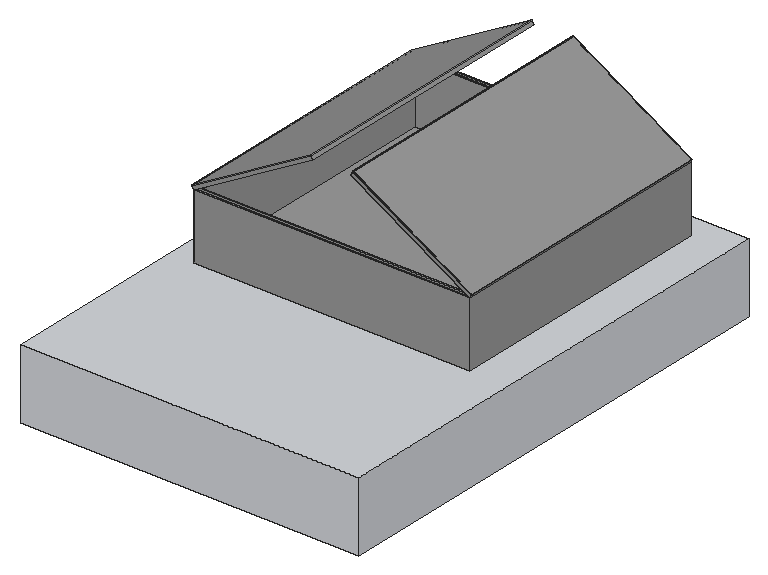
Revit family "Hager-Orion_Inox-IP55-D300-Cl.I-Inox_encl-630A-1200mm-CH-en", category Equipement électrique, Revit 2020
Family settings
  Hôte = Face
  Configuration du panneau = Deux colonnes, circuits au sein
  Cote de connecteur circulaire = Utiliser le diamètre
  Type d'élément = Tableau de raccordement
  Couper avec des vides une fois chargée = Non
  Partagée = Non
  Point de calcul de pièce = Non
Parameters (values of type "Surface mounted (plaster) IP55 W1200 H1200 D300  - FL060BWL")
  Width Control [instance] = if([EF000008 - Width] > Min Width, [EF000008 - Width], Min Width)  # 1200 mm
  Commentaires du type = [HG000003 - Range]  # "Orion Inox"
  Thickness Door [instance] = if([EF009171 - Material plate thickness door/cover] > 3 mm, 3 mm, [EF009171 - Material plate thickness door/cover])  # 1.5 mm
  Seal Frame Offset [instance] = 17 mm  # constant formula
  Model = ""
  Min Width [instance] = 100 mm  # constant formula
  Min Height [instance] = 100 mm  # constant formula
  Min Depth [instance] = (2 * [EF009170 - Material plate thickness cabinet]) + 1 mm  # 4 mm
  Internal Frame Depth [instance] = (Door System Depth * 0.5)  # 9 mm
  Height Control [instance] = if([EF000040 - Height] > Min Height, [EF000040 - Height], Min Height)  # 1200 mm
  HG000027 - Plinth height = 0 mm
  HG000026 - Floor standing = no
  HG000024 - Bottom section height = 800 mm
  HG000023 - Double section enclosure = no
  HG000016 - Door 3d visibility [instance] = yes
  HG000015 - Clearance visibility [instance] = no
  HG000014 - Door on the right [instance] = yes
  HG000013 - Door on the left [instance] = not([HG000014 - Door on the right])  # no
  HG000012 - Door swing angle [instance] = 30.00°
  HG000010 - Asymmetric doors = no
  HG000009 - Double swing door = yes
  HG000006 - Flush mounted = no
  HG000004 - Manufacturer reference = "FL060BWL"
  HG000003 - Range = "Orion Inox"
  HG000002 - With door or cover = yes
  Frame Offset Bottom [instance] = 10 mm  # constant formula
  Frame Offset [instance] = 15 mm  # constant formula
  EF015940 - Cover with overpressure release = no
  EF011959 - Degree of protection (NEMA) = ""
  EF009554 - Number of openings for flange plates = 0
  EF009212 - Cover model = "EV000116 - Closed"
  EF009171 - Material plate thickness door/cover = 1.5 mm
  EF009170 - Material plate thickness cabinet = 1.5 mm
  Fabricant = "Hager"  # constant formula
  EF008873 - Nominal current (In) = 630 A
  EF007800 - Suitable for lightning protection = no
  EF006306 - With lock = yes
  EF006244 - Transparent cover/door = no
  EF005474 - Degree of protection (IP) = "EV006420 - IP55"
  EF004464 - Type of door = "EV003602 - Double"
  EF004427 - Number of modules = 0
  EF004293 - Impact strength = "EV008784 - IK10"
  EF003532 - Suitable for outdoor use = yes
  EF002950 - Width in number of modular spacings = 0
  EF001613 - Circuit integrity = "EV000494 - None"
  EF001596 - Material housing = "EV000166 - Stainless steel"
  EF001131 - Internal depth = 266 mm
  EF001088 - Extension possible = yes
  EF000437 - Number of conduit inlets = 0
  EF000339 - Type of cover = "EV004216 - Door"
  EF000266 - Number of rows = 0
  EF000218 - Built-in depth = 0 mm
  EF000118 - With mounting plate = no
  EF000116 - RAL-number = ""
  EF000049 - Depth = 300 mm
  EF000040 - Height = 1200 mm
  EF000008 - Width = 1200 mm
  EF000007 - Colour = "EV000154 - Other"
  EF000003 - Mounting method = "EV000384 - Surface mounted (plaster)"
  Door System Leaf Tolerance [instance] = 1.5 mm  # constant formula
  Door System Depth [instance] = 18 mm  # constant formula
  Depth Control [instance] = if([EF000049 - Depth] > Min Depth, [EF000049 - Depth], Min Depth)  # 300 mm
  Default Elevation = 0 mm
Types (4, lengths in mm): name | Width Control | HG000004 - Manufacturer reference | EF000008 - Width
  Surface mounted (plaster) IP55 W1000 H1200 D300  - FL058BW | 1000 | "FL058BW" | 1000
  Surface mounted (plaster) IP55 W1000 H1200 D300  - FL058BWL | 1000 | "FL058BWL" | 1000
  Surface mounted (plaster) IP55 W1200 H1200 D300  - FL060BW | 1200 | "FL060BW" | 1200
  Surface mounted (plaster) IP55 W1200 H1200 D300  - FL060BWL | 1200 | "FL060BWL" | 1200
Reference planes
  plane 1 "Center (Front/Back)": y = 0
  plane 2: z = 0
  plane 3 "Center (Left/Right)": x = 0
  plane 4: z = 300
  plane 5: y = 1.5
  plane 6: y = 600
  plane 7: y = 0
  plane 8: y = 1200
  plane 9: z = 0
  plane 10: x = -585
  plane 11: x = 585
  plane 12: x = 583.5
  plane 13: x = -583.5
  plane 14: y = 1198.5
  plane 15: x = -583
  plane 16: x = -600
  plane 17: x = 583
  plane 18: x = 600
  plane 19: x = 598.5
  plane 20: x = -598.5
  plane 21: y = 11.5
  plane 22: y = 1200
  plane 23: y = 1183.5
  plane 24: z = 282
  plane 25: z = 1.5
  plane 26: z = 280.5
  plane 27: z = 298.5
Forms (mm)
  Extrusion 1, solid
    sketch origin (0, 0, 0) x (1, 0, 0) y (0, 1, 0)
      loop
        line (-702.964, 1305) -> (-702.964, -811.445) -> (766.763, -811.445) -> (766.763, 1305) -> (-702.964, 1305)
    from 0 to -304.8
  Extrusion 2, solid, material "Hager_Stainless_Steel", detail levels medium+fine
    sketch origin (0, 0, 0) x (1, 0, 0) y (0, 1, 0)
      loop
        line (-600, 0) -> (600, 0) -> (600, 1200) -> (-600, 1200) -> (-600, 0)
    from 0 to 282
  Extrusion 3, solid, material "Hager_Steel_RAL 7035_Light_Grey", not visible, detail levels medium+fine
    sketch origin (0, 28.16, 50.802) x (0, 1, 0) y (0, 0, 1)
      loop
        line (623.34, -50.802) -> (623.34, 237.698)
        arc (623.34, 237.698) -> (620.411, 244.769) -> (613.34, 247.698) r 10
        line (613.34, 247.698) -> (583.34, 247.698) -> (583.34, -50.802) -> (623.34, -50.802)
    from -598.5 to 598.5
  Extrusion 4, void
    sketch origin (0, 0, 0) x (1, 0, 0) y (0, 1, 0)
      loop
        line (-598.5, 1.5) -> (598.5, 1.5) -> (598.5, 1198.5) -> (-598.5, 1198.5) -> (-598.5, 1.5)
    from 1.5 to 280.5
  Extrusion 5, void
    sketch origin (-381.607, -4572, 282) x (0, -1, 0) y (-1, 0, 0)
      loop
        line (-4583.5, 201.893) -> (-5755.5, 201.893) -> (-5755.5, -965.107) -> (-4583.5, -965.107) -> (-4583.5, 201.893)
    from 0 to 1.5 <- "EF009170 - Material plate thickness cabinet"
  Extrusion 6, solid, material "Hager_Stainless_Steel", detail levels fine
    sketch origin (-381.607, -4572, 282) x (-1, 0, 0) y (0, -1, 0)
      loop
        line (201.893, -4583.5) -> (-965.107, -4583.5) -> (-965.107, -5755.5) -> (201.893, -5755.5) -> (201.893, -4583.5)
      loop
        line (202.893, -4582) -> (-966.107, -4582) -> (-966.107, -5757) -> (202.893, -5757) -> (202.893, -4582)
    from 0 to 9 <- "Internal Frame Depth"
  Extrusion 7, solid, material "Hager_Stainless_Steel", detail levels coarse
    sketch origin (0, 0, 0) x (1, 0, 0) y (0, 1, 0)
      loop
        line (-600, 0) -> (600, 0) -> (600, 1200) -> (-600, 1200) -> (-600, 0)
    from 0 to 300
Cuts and joins
  Extrusion 4, Extrusion 5 cuts Extrusion 2
Lines and regions (mm)
  Masking region 1
    outline origin (0, 0, 0) x (1, 0, 0) y (0, 0, 1)
      loop
        line (-600, 300) -> (-600, 0) -> (600, 0) -> (600, 300) -> (-600, 300)
  Masking region 2, detail levels medium+fine
    outline origin (0, 140, 0) x (0, 1, 0) y (0, 0, 1)
      loop
        line (-140, 0) -> (1060, 0) -> (1060, 282) -> (-140, 282) -> (-140, 0)
  Masking region 3, not visible, detail levels medium+fine
    outline origin (0, 297.922, 0) x (0, 1, 0) y (0, 0, 1)
      loop
        line (313.578, 0) -> (353.578, 0) -> (353.578, 288.5)
        arc (353.578, 288.5) -> (350.649, 295.571) -> (343.578, 298.5) r 10
        line (343.578, 298.5) -> (313.578, 298.5) -> (313.578, 0)
  Masking region 4, detail levels coarse
    outline origin (0, 0, 180) x (0, 1, 0) y (0, 0, 1)
      loop
        line (0, -180) -> (1200, -180) -> (1200, 120) -> (0, 120) -> (0, -180)
  Masking region 5
    outline origin (-381.607, -4572, 282) x (-1, 0, 0) y (0, -1, 0)
      loop
        line (218.393, -5772) -> (218.393, -4572) -> (-981.607, -4572) -> (-981.607, -5772) -> (218.393, -5772)
Dimensions and locks
  "Depth Control": plane 4 to Extrusion 1
  "EF009170 - Material plate thickness cabinet": plane 5 to plane 7
  locked: connector elem to plane 3 "Center (Left/Right)"
  equal spacing: plane 8, plane 6, plane 7
  locked: connector elem to plane 6
  "EF009170 - Material plate thickness cabinet": plane 8 to plane 14
  "EF009170 - Material plate thickness cabinet": plane 10 to plane 13
  "EF009170 - Material plate thickness cabinet": plane 12 to plane 11
  "Frame Offset": plane 20 to plane 13
  "Frame Offset": plane 12 to plane 19
  "EF009170 - Material plate thickness cabinet": plane 16 to plane 20
  "EF009170 - Material plate thickness cabinet": plane 19 to plane 18
  "Seal Frame Offset": plane 16 to plane 15
  "Seal Frame Offset": plane 17 to plane 18
  "Frame Offset Bottom": plane 21 to plane 5
  "Frame Offset": plane 14 to plane 23
  equal spacing: plane 16, plane 3 "Center (Left/Right)", plane 18
  "Width Control": plane 16 to plane 18
  "EF009170 - Material plate thickness cabinet": plane 4 to plane 27
  "EF009170 - Material plate thickness cabinet": plane 24 to plane 26
  "EF009170 - Material plate thickness cabinet": plane 25 to level
  "Door System Depth": plane 4 to plane 24
  "Height Control": plane 1 "Center (Front/Back)" to Extrusion 7 sketch curve
  "Height Control": Masking region 4 sketch curve to plane 1 "Center (Front/Back)"
  "Thickness Door": Extrusion 6 sketch curve to plane 15
  "Thickness Door": plane 21 to Extrusion 6 sketch curve
  "Thickness Door": plane 17 to Extrusion 6 sketch curve
  "Thickness Door": Extrusion 6 sketch curve to plane 23
  "Height Control": plane 1 "Center (Front/Back)" to plane 22
  radius of Masking region 3 sketch curve = 10 mm
  radius of Extrusion 3 sketch curve = 10 mm
  aligned and locked: plane 2 to Extrusion 1
  aligned and locked: level to Extrusion 1
  aligned and locked: level to Masking region 1 sketch curve
  aligned and locked: Masking region 1 sketch curve to plane 18
  aligned and locked: Masking region 1 sketch curve to plane 16
  aligned and locked: plane 7 to Masking region 2 sketch curve
  aligned and locked: level to Masking region 3 sketch curve
  aligned and locked: Masking region 3 sketch curve to plane 27
  aligned and locked: level to Masking region 2 sketch curve
  aligned and locked: Extrusion 2 sketch curve to plane 7
  aligned and locked: plane 16 to Extrusion 2 sketch curve
  aligned and locked: plane 18 to Extrusion 2 sketch curve
  aligned and locked: Extrusion 3 sketch curve to level
  aligned and locked: plane 27 to Extrusion 3 sketch curve
  aligned and locked: plane 20 to Extrusion 3
  aligned and locked: plane 19 to Extrusion 3
  aligned and locked: plane 20 to Extrusion 4 sketch curve
  aligned and locked: plane 19 to Extrusion 4 sketch curve
  aligned and locked: Extrusion 4 sketch curve to plane 5
  aligned and locked: Extrusion 4 to plane 25
  aligned and locked: plane 26 to Extrusion 4
  aligned and locked: plane 24 to Extrusion 2
  aligned and locked: Extrusion 5 sketch curve to plane 21
  aligned and locked: Extrusion 5 sketch curve to plane 13
  aligned and locked: Extrusion 5 sketch curve to plane 12
  aligned and locked: plane 18 to Extrusion 7 sketch curve
  aligned and locked: plane 1 "Center (Front/Back)" to Extrusion 7 sketch curve
  aligned and locked: plane 16 to Extrusion 7 sketch curve
  aligned and locked: plane 4 to Extrusion 7
  aligned and locked: Extrusion 7 to level
  aligned and locked: level to Masking region 4 sketch curve
  aligned and locked: Masking region 4 sketch curve to plane 1 "Center (Front/Back)"
  aligned and locked: Masking region 4 sketch curve to plane 4
  aligned and locked: nested 1 to level
  aligned and locked: nested 1 to plane 16
  aligned and locked: Extrusion 2 sketch curve to plane 8
  aligned and locked: Extrusion 5 sketch curve to plane 23
  aligned and locked: Extrusion 4 sketch curve to plane 14
  aligned and locked: Extrusion 6 sketch curve to plane 21
  aligned and locked: plane 13 to Extrusion 6 sketch curve
  aligned and locked: Extrusion 6 sketch curve to plane 23
  aligned and locked: plane 12 to Extrusion 6 sketch curve
  aligned and locked: Masking region 2 sketch curve to plane 8
  aligned and locked: Masking region 2 sketch curve to plane 24
  aligned and locked: nested 2 to plane 3 "Center (Left/Right)"
  aligned and locked: nested 2 to plane 24
  aligned and locked: Masking region 5 sketch curve to plane 1 "Center (Front/Back)"
  aligned and locked: Masking region 5 sketch curve to plane 18
  aligned and locked: Masking region 5 sketch curve to plane 22
  aligned and locked: Masking region 5 sketch curve to plane 16
  aligned and locked: plane 8 to plane 22
  aligned and locked: plane 7 to plane 1 "Center (Front/Back)"
  aligned and locked: nested 2 to plane 1 "Center (Front/Back)"
Automatic sketch dimensions
  Extrusion 1 sketch curve to Extrusion 1 sketch curve = 1469.727 mm
  Extrusion 1 sketch curve to Extrusion 1 sketch curve = 2116.445 mm
  plane 6 to Masking region 3 sketch curve = 11.5 mm
  Masking region 3 sketch curve to Masking region 3 sketch curve = 30 mm
  plane 6 to Extrusion 3 sketch curve = 11.5 mm
  Extrusion 3 sketch curve to Extrusion 3 sketch curve = 30 mm
  Masking region 1 sketch curve to plane 4 = 0 mm
Nested families
  nested 1: "Hager_Enclosure_Symbol" at (-600, 0, 0) x (1, 0, 0) z (0, -1, 0), Height <- "Depth Control", Width <- "Width Control", type "Hager_Enclosure_Symbol"
    with Width_Ctrl 1200 mm, Width 1200 mm, Height_Ctrl 300 mm, Height 300 mm, A_Width_Int 19.688 mm, A_Width 236.25 mm, A_Height_Ctrl 262.5 mm, A_Height 262.5 mm
  nested 2: "EC000058_OrionInox_Door" at (0, 1200, 282) x (1, 0, 0) z (0, -1, 0), Leaf_Tolerance <- "Door System Leaf Tolerance", Angle <- "HG000012 - Door swing angle", Door_Depth <- "Door System Depth", Door_Left <- "HG000013 - Door on the left", Transparent <- "EF006244 - Transparent cover/door", Assymetrical <- "HG000010 - Asymmetric doors", Width <- "Width Control", Clearance <- "HG000015 - Clearance visibility", Double <- "HG000009 - Double swing door", 3d_Door <- "HG000016 - Door 3d visibility", Width_Ctrl <- "Width Control", Door_Right <- "HG000014 - Door on the right", Door <- "HG000002 - With door or cover", Height <- "Height Control", Thickness <- "Thickness Door", type "EC000058_OrionInox_Door", detail levels medium+fine
    with min_wh 4 mm, Width_Ctrl 1200 mm, Width 1200 mm, Transparent no, Thickness 1.5 mm, Seal_Material Hager_Rubber, Leaf_Width 1200 mm, Leaf_Tolerance_External_Sides 0 mm, Leaf_Tolerance 1.5 mm, Leaf_Offset 0 mm, Leaf_Height 1197 mm, Leaf_2_Width 598.5 mm, Leaf_2_Offset 300 mm, Leaf_1_Width 598.5 mm, Leaf_1_Offset 300 mm, Height_Ctrl 1200 mm, Height 1200 mm, Glass_Material Hager_Glass, Double_Clearance_Ctrl no, Double yes, Door_Right_Ctrl yes, Door_Right yes, Door_Material Hager_Stainless_Steel, Door_Left_Ctrl yes, Door_Left no, Door_Depth 18 mm, Door yes, Clearance_Material Hager_Clearance, Clearance_Depth 598.5 mm, Clearance_Ctrl no, Clearance no, Assymetrical no, Angle 30.00°, 3d_Door yes
Connectors
  electrical at (0, 600, 0)
    settings: on plane 9, index 1, voltage 0 V, apparent load 0 VA, apparent load phase1 0 VA, apparent load phase2 0 VA, apparent load phase3 0 VA, power factor 1, load classification "Other", number of poles 1, system type 30, power factor state 1, is connector primary yes, connector utility no, sub classification motor no, connector description ""
Definition of nested family "EC000058_OrionInox_Door"
  Parameters (values of type "EC000058_OrionInox_Door")
    min_wh [instance] = (2 * Thickness) + 1 mm  # 11 mm
    Width_Ctrl [instance] = 400 mm
    Width [instance] = 500 mm
    Transparent [instance] = yes
    Thickness [instance] = 5 mm
    Seal_Material [instance] = none
    Leaf_Width [instance] = if((Width_Ctrl - 2 * Leaf_Tolerance_External_Sides) > 0 mm, (Width_Ctrl - 2 * Leaf_Tolerance_External_Sides), min_wh)  # 400 mm
    Leaf_Tolerance_External_Sides [instance] = 0 mm  # constant formula
    Leaf_Tolerance [instance] = 1.5 mm
    Leaf_Offset [instance] = 0 mm  # constant formula
    Leaf_Height [instance] = if((Height_Ctrl - 2 * Leaf_Tolerance) > 0 mm, (Height_Ctrl - 2 * Leaf_Tolerance), min_wh)  # 497 mm
    Leaf_2_Width [instance] = if(and(and(Double, Assymetrical), Door_Left), (Leaf_Width / 3) - (Leaf_Tolerance / 2), if(and(and(Double, Assymetrical), Door_Right), (Leaf_Width / 3) * 2 - (Leaf_Tolerance / 2), if(and(Double, not(Assymetrical)), (Leaf_Width / 2) - Leaf_Tolerance, Leaf_Width)))  # 400 mm
    Leaf_2_Offset [instance] = if(and(Double, Assymetrical), Leaf_2_Width / 2, if(and(Double, not(Assymetrical)), Leaf_Width / 4, Leaf_Width / 2))  # 200 mm
    Leaf_1_Width [instance] = if(and(and(Double, Assymetrical), Door_Right), (Leaf_Width / 3) - (Leaf_Tolerance / 2), if(and(and(Double, Assymetrical), Door_Left), (Width / 3) * 2 - (Leaf_Tolerance / 2), if(and(Double, not(Assymetrical)), (Leaf_Width / 2) - Leaf_Tolerance, Leaf_Width)))  # 400 mm
    Leaf_1_Offset [instance] = if(and(Double, Assymetrical), Leaf_1_Width / 2, if(and(Double, not(Assymetrical)), Leaf_Width / 4, Leaf_Width / 2))  # 200 mm
    Height_Ctrl [instance] = if(Height > min_wh, Height, min_wh)  # 500 mm
    Height [instance] = 500 mm
    Glass_Material [instance] = none
    Double_Clearance_Ctrl [instance] = and(Double, Clearance)  # no
    Double [instance] = no
    Door_Right_Ctrl [instance] = and(or(Door_Right, Double), Door)  # yes
    Door_Right [instance] = yes
    Door_Material [instance] = none
    Door_Left_Ctrl [instance] = and(or(Door_Left, Double), Door)  # no
    Door_Left [instance] = no
    Door_Depth [instance] = 30 mm
    Door [instance] = yes
    Default Elevation = 1219.2 mm
    Clearance_Material [instance] = none
    Clearance_Depth [instance] = if(Leaf_1_Width > Leaf_2_Width, Leaf_1_Width, Leaf_2_Width)  # 400 mm
    Clearance_Ctrl [instance] = and(not(Double), Clearance)  # yes
    Clearance [instance] = yes
    Assymetrical [instance] = yes
    Angle [instance] = 30.00°
    3d_Door [instance] = yes
  Reference planes
    plane 1 "Center (Front/Back)": y = 0
    plane 2 "Bottom": z = 0
    plane 3 "Center (Left/Right)": x = 0
    plane 4: z = 500
    plane 5: x = -200
    plane 6: x = 200
    plane 7: z = 500
    plane 8: x = -200
    plane 9: z = 0
    plane 10: x = 200
    plane 11: y = 0
    plane 12: z = 1.5
    plane 13: x = -600
    plane 14: y = -400
    plane 15: x = 600
    plane 16: x = 0
    plane 17: x = 0
    plane 18: x = -200
    plane 19: x = 200
    plane 20: z = 498.5
  Forms (mm)
    Extrusion 1, solid, material <- "Clearance_Material", visible <- "Double_Clearance_Ctrl"
      sketch origin (1200, 0, 0) x (1, 0, 0) y (0, 0, -1)
        loop
          line (-1800, -498.5) -> (-600, -498.5) -> (-600, 0) -> (-1800, 0) -> (-1800, -498.5)
      from 0 to -400
  Dimensions and locks
    equal spacing: plane 5, plane 3 "Center (Left/Right)", plane 6
    "Width_Ctrl": plane 5 to plane 6
    "Leaf_Offset": plane 5 to plane 8
    "Leaf_Offset": plane 6 to plane 10
    "Leaf_Offset": plane 9 to level
    "Leaf_Offset": plane 4 to plane 7
    "Height_Ctrl": plane 4 to level
    "Leaf_Tolerance": plane 12 to plane 9
    locked: plane 11 to plane 1 "Center (Front/Back)"
    "Leaf_1_Offset": plane 18 to plane 16
    "Leaf_2_Offset": plane 17 to plane 19
    "Leaf_1_Width": plane 13 to plane 8
    "Leaf_2_Width": plane 10 to plane 15
    "Clearance_Depth": plane 14 to plane 1 "Center (Front/Back)"
    "Leaf_Tolerance_External_Sides": plane 8 to plane 18
    "Leaf_Tolerance_External_Sides": plane 19 to plane 10
    "Leaf_Tolerance": plane 7 to plane 20
    aligned and locked: level to plane 2 "Bottom"
    aligned and locked: nested 1 to plane 16
    aligned and locked: nested 2 to plane 17
    aligned and locked: Extrusion 1 to plane 13
    aligned and locked: plane 15 to Extrusion 1
    aligned and locked: Extrusion 1 to plane 14
    aligned and locked: plane 12 to nested 1
    aligned and locked: nested 2 to plane 12
    aligned and locked: Extrusion 1 to plane 11
    aligned and locked: plane 20 to Extrusion 1
    aligned and locked: nested 2 to plane 11
    aligned and locked: nested 1 to plane 11
  Automatic sketch dimensions
    Extrusion 1 sketch curve to level = 0 mm
    plane 5 to Extrusion 1 sketch curve = 400 mm
    plane 6 to Extrusion 1 sketch curve = 400 mm
    Extrusion 1 sketch curve to plane 4 = 1.5 mm
  Nested families
    nested 1: "EC000058_OrionInox_Door_Leaf" at (0, 0, 1.5), Width <- "Leaf_1_Width", visible <- "Door_Left_Ctrl", Leaf_Height <- "Leaf_Height", Angle <- "Angle", 3d_Door <- "3d_Door", Transparent <- "Transparent", Clearance Material <- "Clearance_Material", Clearance <- "Clearance_Ctrl", Door_Material <- "Door_Material", Glass_Material <- "Glass_Material", Door_Depth <- "Door_Depth", Seal_Material <- "Seal_Material", Thickness <- "Thickness", type "EC000058_OrionInox_Door_Leaf"
      with Width 400 mm, Transparent_Ctrl yes, Transparent yes, Thickness 5 mm, Standard no, Seal_Material none, Seal_D2 8 mm, Seal_D1 1 mm, Offset_Internal_Frame 10 mm, Lock_Width 28 mm, Lock_Thickness 2 mm, Lock_Radius 6 mm, Leaf_Height 497 mm, Internal_Seal_Thickness 8 mm, Internal_Seal_Depth_2 4.5 mm, Internal_Frame_Depth 25 mm, Glass_Thickness -1 mm, Glass_Offset -2 mm, Glass_Material none, Door_Material none, Door_Depth 30 mm, Clearance Material none, Clearance yes, Angle_Ctrl 30.00°, Angle 30.00°, 3d_Door yes
    nested 2: "EC000058_OrionInox_Door_Leaf" at (0, 0, 1.5) x (-1, 0, 0) z (0, 0, 1), Width <- "Leaf_2_Width", visible <- "Door_Right_Ctrl", Leaf_Height <- "Leaf_Height", Angle <- "Angle", 3d_Door <- "3d_Door", Transparent <- "Transparent", Clearance Material <- "Clearance_Material", Clearance <- "Clearance_Ctrl", Door_Material <- "Door_Material", Glass_Material <- "Glass_Material", Door_Depth <- "Door_Depth", Seal_Material <- "Seal_Material", Thickness <- "Thickness", type "EC000058_OrionInox_Door_Leaf"
      with Width 400 mm, Transparent_Ctrl yes, Transparent yes, Thickness 5 mm, Standard no, Seal_Material none, Seal_D2 8 mm, Seal_D1 1 mm, Offset_Internal_Frame 10 mm, Lock_Width 28 mm, Lock_Thickness 2 mm, Lock_Radius 6 mm, Leaf_Height 497 mm, Internal_Seal_Thickness 8 mm, Internal_Seal_Depth_2 4.5 mm, Internal_Frame_Depth 25 mm, Glass_Thickness -1 mm, Glass_Offset -2 mm, Glass_Material none, Door_Material none, Door_Depth 30 mm, Clearance Material none, Clearance yes, Angle_Ctrl 30.00°, Angle 30.00°, 3d_Door yes
  Definition of nested family "EC000058_OrionInox_Door_Leaf"
    Parameters (values of type "EC000058_OrionInox_Door_Leaf")
      Width [instance] = 450 mm
      Transparent_Ctrl [instance] = and(Transparent, [3d_Door])  # yes
      Transparent [instance] = yes
      Thickness [instance] = 5 mm
      Standard [instance] = and(not(Transparent), [3d_Door])  # no
      Seal_Material [instance] = none
      Seal_D2 [instance] = 8 mm  # constant formula
      Seal_D1 [instance] = 1 mm  # constant formula
      Offset_Internal_Frame [instance] = 10 mm  # constant formula
      Lock_Width [instance] = Door_Depth - Lock_Thickness  # 28 mm
      Lock_Thickness [instance] = 2 mm  # constant formula
      Lock_Radius [instance] = 6 mm  # constant formula
      Leaf_Height [instance] = 450 mm
      Internal_Seal_Thickness [instance] = 8 mm  # constant formula
      Internal_Seal_Depth_2 [instance] = 4.5 mm  # constant formula
      Internal_Frame_Depth [instance] = if(Door_Depth - Thickness > 5 mm, Door_Depth - Thickness, 5 mm)  # 25 mm
      Glass_Thickness [instance] = if(Thickness > 15 mm, Glass_Offset + 10 mm, -1 mm)  # -1 mm
      Glass_Offset [instance] = if(Thickness > 15 mm, -(Thickness + 10 mm) / 2, -2 mm)  # -2 mm
      Glass_Material [instance] = none
      Door_Material [instance] = none
      Door_Depth [instance] = 30 mm
      Default Elevation = 0 mm
      Clearance Material [instance] = none
      Clearance [instance] = yes
      Angle_Ctrl [instance] = if(Angle > 180.00°, 180.00°, Angle)  # 90.00°
      Angle [instance] = 90.00°
      3d_Door [instance] = yes
    Reference planes
      plane 1 "Center (Front/Back)": y = 0
      plane 2: z = 0
      plane 3 "Center (Left/Right)": x = 0
      plane 4: y = 450
      plane 5: x = -225
      plane 6: x = 225
      plane 7: x = -675
      plane 8: z = 450
      plane 9: z = 30
      plane 10: z = 420
      plane 11: x = 195
      plane 12: x = -195
      plane 13: y = -3
      plane 14: z = 107.833
      plane 15: y = -5
      plane 16: y = -223.314
      plane 17: x = -225
      plane 18: y = 30
    Forms (mm)
      Extrusion 1, solid, material <- "Clearance Material", visible <- "Clearance"
        sketch origin (0, 0, 0) x (1, 0, 0) y (0, 0, 1)
          loop
            line (-675, 450) -> (-675, 0) -> (225, 0) -> (225, 450) -> (-675, 450)
        from 0 to -450
      Extrusion 2, solid, material <- "Door_Material", visible <- "Standard", detail levels medium+fine
        sketch origin (-225, 0, 0) x (0, 1, 0) y (-1, 0, 0)
          loop
            line (0, 30) -> (0, 25) -> (450, 25) -> (450, 30) -> (0, 30)
        from 0 to 450 <- "Leaf_Height"
      Extrusion 3, solid, material <- "Door_Material", visible <- "Transparent_Ctrl", detail levels medium+fine
        sketch origin (-225, 0, 0) x (0, 1, 0) y (-1, 0, 0)
          loop
            line (0, 25) -> (450, 25) -> (450, 30) -> (0, 30) -> (0, 25)
        from 0 to 450 <- "Leaf_Height"
      Extrusion 4, void
        sketch origin (-250, 450, 0) x (0, 1, 0) y (0, 0, -1)
          loop
            line (-30, -420) -> (-30, -30) -> (-420, -30) -> (-420, -420) -> (-30, -420)
        from 0 to 5 <- "Thickness"
      Sweep 5, solid, material <- "Seal_Material", visible <- "Transparent_Ctrl", detail levels fine
        path in 3D
          loop
            line (-250, 30, 30) -> (-250, 30, 420) -> (-250, 420, 420) -> (-250, 420, 30) -> (-250, 30, 30)
        profile origin (-250, 225, 30) x (1, 0, 0) y (0, 0, 1)
          loop
            line (0, 0) -> (0, -8) -> (1, -8) -> (1, 0) -> (0, 0)
      Extrusion 6, solid, material <- "Glass_Material", visible <- "Transparent_Ctrl", detail levels medium+fine
        sketch origin (-255, 0, 0) x (0, 1, 0) y (0, 0, -1)
          loop
            line (420, -420) -> (420, -30) -> (30, -30) -> (30, -420) -> (420, -420)
        from -2 <- "Glass_Offset" to -1 <- "Glass_Thickness"
      Extrusion 7, solid, material <- "Door_Material", visible <- "3d_Door", detail levels medium+fine
        sketch origin (-250, 450, 0) x (0, -1, 0) y (0, 0, -1)
          loop
            line (0, -450) -> (450, -450) -> (450, 0) -> (0, 0) -> (0, -450)
          loop
            line (445, -5) -> (5, -5) -> (5, -445) -> (445, -445) -> (445, -5)
        from 0 to 25 <- "Internal_Frame_Depth"
      Sweep 8, solid, material <- "Seal_Material", visible <- "Transparent_Ctrl", detail levels fine
        path in 3D
          loop
            line (-250, 0, 0) -> (-250, 450, 0) -> (-250, 450, 450) -> (-250, 0, 450) -> (-250, 0, 0)
        profile origin (-250, 0, 225) x (1, 0, 0) y (0, 1, 0)
          loop
            line (0, 10) -> (2.975, 10)
            arc (2.975, 10) -> (4.053, 10.447) -> (4.5, 11.525) r 1.525
            line (4.5, 11.525) -> (4.5, 16.527)
            arc (4.5, 16.527) -> (4.069, 17.569) -> (3.027, 18) r 1.473
            line (3.027, 18) -> (0, 18) -> (0, 10)
    Cuts and joins
      Extrusion 4 cuts Extrusion 3
    Lines and regions (mm)
      Masking region 1, detail levels medium+fine
        outline origin (0, 0, 0) x (0, 1, 0) y (0, 0, 1)
          loop
            line (0, 0) -> (30, 0) -> (30, 450) -> (0, 450) -> (0, 0)
      Masking region 2, detail levels medium+fine
        outline origin (0, 0, 0) x (1, 0, 0) y (0, 0, 1)
          loop
            line (-225, 450) -> (-225, 0) -> (225, 0) -> (225, 450) -> (-225, 450)
      symbolic lines
        curve 1: line (225, 0, 0) -> (-675, 0, 0)
        curve 2: arc (225, 0, 0) -> (-225, 450, 0) -> (-675, 0, 0) r 450
        curve 4: line (-255, 0, 0) -> (-255, 450, 0)
      reference lines
        curve 3: line (-225, 0, 0) -> (-225, 450, 0)
      symbolic lines, detail levels medium+fine
        curve 5: line (-255, 450, 0) -> (-250, 450, 0)
        curve 7: line (-250, 0, 0) -> (-255, 0, 0)
        curve 8: line (-250, 0, 0) -> (-225, 0, 0)
        curve 9: line (-225, 0, 0) -> (-225, 450, 0)
        curve 10: line (-225, 450, 0) -> (-250, 450, 0)
      symbolic lines, detail levels fine
        curve 6: line (-250, 450, 0) -> (-250, 0, 0)
      sketch lines
        curve 11: line (-250, 0, 450) -> (-250, 0, 0)
        curve 12: line (-250, 450, 0) -> (-250, 0, 0)
        curve 13: line (-250, 450, 450) -> (-250, 450, 0)
        curve 14: line (-250, 0, 450) -> (-250, 450, 450)
        curve 15: line (-250, 420, 30) -> (-250, 30, 30)
        curve 16: line (-250, 30, 30) -> (-250, 30, 420)
        curve 17: line (-250, 420, 420) -> (-250, 420, 30)
        curve 18: line (-250, 30, 420) -> (-250, 420, 420)
      symbolic lines, visible <- "Transparent", detail levels medium+fine
        curve 19: line (-195, 0, 420) -> (195, 0, 420)
        curve 20: line (-195, 0, 30) -> (-195, 0, 420)
        curve 21: line (195, 0, 30) -> (-195, 0, 30)
        curve 22: line (195, 0, 420) -> (195, 0, 30)
    Dimensions and locks
      "Width": plane 1 "Center (Front/Back)" to plane 4
      equal spacing: plane 5, plane 3 "Center (Left/Right)", plane 6
      "Width": plane 5 to plane 6
      "Width": plane 7 to plane 5
      "Leaf_Height": plane 8 to level
      "Width": curve 5 to curve 3
      "Width": curve 3 to curve 3
      plane 8 to plane 10 = 30 mm
      plane 9 to level = 30 mm
      plane 12 to plane 5 = 30 mm
      plane 6 to plane 11 = 30 mm
      Extrusion 4 sketch curve to Extrusion 3 = 30 mm
      Extrusion 3 to Extrusion 4 sketch curve = 30 mm
      Extrusion 1 to Extrusion 4 sketch curve = 30 mm
      curve 3 to Extrusion 4 sketch curve = 30 mm
      Extrusion 4 sketch curve to cut or joined group of Extrusion 3, Extrusion 4 = 30 mm
      cut or joined group of Extrusion 3, Extrusion 4 to Extrusion 6 sketch curve = 30 mm
      cut or joined group of Extrusion 3, Extrusion 4 to Extrusion 4 sketch curve = 30 mm
      "Thickness": curve 6 to curve 4
      "Thickness": Extrusion 7 sketch curve to Extrusion 7 sketch curve  (x4)
      "Door_Depth": curve 4 to curve 3
      "Offset_Internal_Frame": profile plane to Sweep 8 sketch curve
      "Internal_Seal_Thickness": Sweep 8 sketch curve to Sweep 8 sketch curve
      "Internal_Seal_Depth_2": profile plane to Sweep 8 sketch curve
      "Seal_D1": profile plane to Sweep 5 sketch curve
      "Seal_D2": profile plane to Sweep 5 sketch curve
      "Thickness": Extrusion 2 sketch curve to Extrusion 2 sketch curve
      "Door_Depth": plane 18 to plane 1 "Center (Front/Back)"
      radius of Sweep 8 sketch curve = 1.525 mm
      radius of Sweep 8 sketch curve = 1.473 mm
      "Angle_Ctrl": angle plane 1 "Center (Front/Back)" to curve 3
      aligned and locked: level to plane 2
      aligned and locked: Extrusion 1 to curve 1
      aligned and locked: plane 6 to Extrusion 1
      aligned and locked: plane 1 "Center (Front/Back)" to Extrusion 1
      aligned and locked: plane 4 to Extrusion 1
      aligned and locked: plane 8 to Extrusion 1
      aligned and locked: curve 7 to Extrusion 2 sketch curve
      aligned and locked: curve 5 to Extrusion 2 sketch curve
      aligned and locked: curve 7 to Extrusion 3 sketch curve
      aligned and locked: Extrusion 3 sketch curve to curve 4
      aligned and locked: Extrusion 3 sketch curve to curve 6
      aligned and locked: Extrusion 3 sketch curve to curve 5
      aligned and locked: curve 9 to curve 3
      aligned and locked: Extrusion 7 sketch curve to cut or joined group of Extrusion 3, Extrusion 4  (x4)
      aligned and locked: plane 17 to curve 3
      aligned and locked: plane 1 "Center (Front/Back)" to curve 3
      aligned and locked: plane 17 to plane 5
      aligned and locked: Sweep 8 sketch curve to profile plane
      aligned and locked: Sweep 5 sketch curve to profile plane  (x2)
      aligned and locked: plane 1 "Center (Front/Back)" to Masking region 1 sketch curve
      aligned and locked: plane 18 to Masking region 1 sketch curve
      aligned and locked: level to Masking region 1 sketch curve
      aligned and locked: Masking region 1 sketch curve to plane 8
      aligned and locked: plane 17 to Masking region 2 sketch curve
      aligned and locked: level to Masking region 2 sketch curve
      aligned and locked: Masking region 2 sketch curve to plane 8
      aligned and locked: plane 12 to curve 20
      aligned and locked: plane 10 to curve 19
      aligned and locked: plane 11 to curve 22
      aligned and locked: plane 9 to curve 21
      aligned and locked: Extrusion 2 sketch curve to cut or joined group of Extrusion 3, Extrusion 4
    Automatic sketch dimensions
      plane 1 "Center (Front/Back)" to curve 2 = 0 mm
      curve 2 to plane 5 = 0 mm
      Extrusion 1 sketch curve to level = 0 mm
      Extrusion 1 sketch curve to plane 7 = 0 mm
      Extrusion 1 sketch curve to plane 6 = 0 mm
      Extrusion 1 sketch curve to plane 8 = 0 mm
      Extrusion 3 to Extrusion 6 sketch curve = 30 mm  (x4)
      Masking region 2 sketch curve to plane 6 = 0 mm
      curve 4 to curve 3 = 0 mm
Definition of nested family "Hager_Enclosure_Symbol"
  Parameters (values of type "Hager_Enclosure_Symbol")
    Width_Ctrl [instance] = if(Width > 1 mm, Width, 1 mm)  # 102.27 mm
    Width [instance] = 102.27 mm
    Height_Ctrl [instance] = if(Height > 1 mm, Height, 1 mm)  # 66.5 mm
    A_Width_Int [instance] = if(A_Width / 12 > 2 mm, A_Width / 12, 2 mm)  # 4.364 mm
    A_Width [instance] = if(A_Height_Ctrl * 0.9 > 2 mm, A_Height_Ctrl * 0.9, 2 mm)  # 52.369 mm
    A_Height_Ctrl [instance] = if(A_Height > 2 mm, A_Height, 2 mm)  # 58.188 mm
    Height [instance] = 66.5 mm
    A_Height [instance] = Height - (Height / 8)  # 58.188 mm
  Reference planes
    plane 1 "Centre (avant/arrière)": y = 0
    plane 2: z = 0
    plane 3 "Centre (gauche/droite)": x = 0
    plane 4: x = 52.369
    plane 5: y = 33.042
    plane 6: y = 41.77
    plane 7: y = 66.5
    plane 8: x = 26.184
    plane 9: y = 37.406
    plane 10: x = 102.27
    plane 11: y = 66.5
    plane 12: y = 8.313
  Lines and regions (mm)
    Filled region 1, type "Solid_Black", in view "Niveau de réf."
      outline origin (0, 0, 0) x (1, 0, 0) y (0, 1, 0)
        loop
          line (52.369, 66.5) -> (33.188, 54.536) -> (45.365, 45.006) -> (52.369, 66.5)
    Filled region 2, type "Solid_Black", in view "Niveau de réf."
      outline origin (0, 0, 0) x (1, 0, 0) y (0, 1, 0)
        loop
          line (0, 0) -> (102.27, 0) -> (102.27, 66.5) -> (0, 0)
    detail lines, in view "Niveau de réf."
      curve 1: line (0, 8.313, 0) -> (26.184, 41.77, 0)
      curve 2: line (26.184, 41.77, 0) -> (26.184, 33.042, 0)
      curve 3: line (26.184, 33.042, 0) -> (52.369, 66.5, 0)
  Dimensions and locks
    "A_Width": plane 3 "Centre (gauche/droite)" to plane 4
    equal spacing: plane 3 "Centre (gauche/droite)", plane 8, plane 4
    equal spacing: plane 6, plane 9, plane 5
    equal spacing: curve 3, Filled region 1 sketch curve, Filled region 1 sketch curve
    "Height_Ctrl": plane 1 "Centre (avant/arrière)" to plane 11
    "A_Height_Ctrl": plane 11 to plane 12
    equal spacing: plane 11, plane 9, plane 12
    "A_Width_Int": plane 6 to plane 9
    "Width_Ctrl": plane 3 "Centre (gauche/droite)" to plane 10
    angle Filled region 1 sketch curve to curve 3 = 20.00°
    angle curve 3 to Filled region 1 sketch curve = 20.00°
    locked: curve 3 to Filled region 1 sketch curve (angle 90.00°)
    aligned and locked: plane 10 to Filled region 2
    aligned and locked: plane 11 to Filled region 2 sketch curve
    aligned and locked: plane 10 to Filled region 2 sketch curve
    aligned and locked: plane 3 "Centre (gauche/droite)" to curve 1
    aligned and locked: plane 12 to curve 1
    aligned and locked: plane 7 to plane 11
  Automatic sketch dimensions
    Filled region 1 sketch curve to plane 4 = 0 mm
    Filled region 1 sketch curve to plane 7 = 0 mm
    plane 1 "Centre (avant/arrière)" to Filled region 2 sketch curve = 0 mm
    Filled region 2 sketch curve to plane 3 "Centre (gauche/droite)" = 0 mm
    curve 2 to plane 6 = 0 mm
    curve 2 to plane 8 = 0 mm
    curve 3 to plane 4 = 0 mm
    curve 2 to plane 5 = 0 mm
    curve 3 to plane 7 = 0 mm
